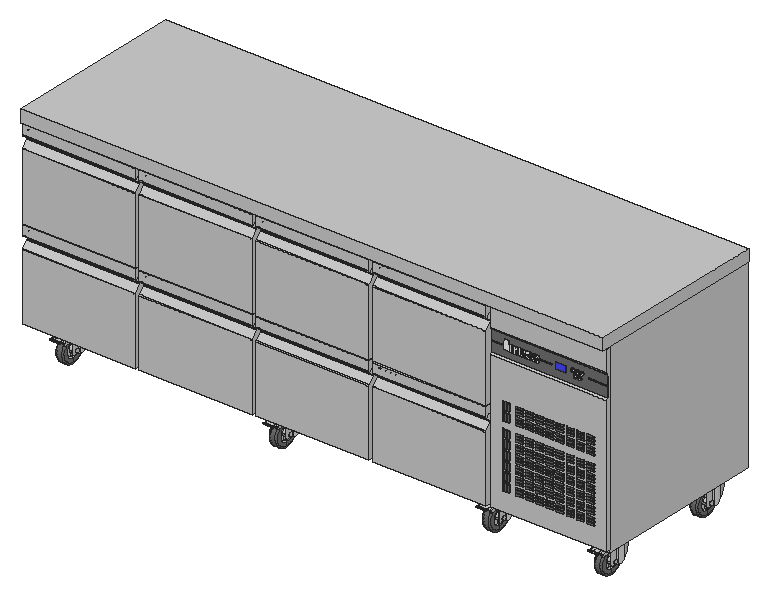
Revit family "QF_INOMAK_PNRP9999_250611031516", category Specialty Equipment, Revit 2021 (continued)
Definition of nested family "QF_INOMAK_REF_COUNTERS_DOORS_DRAWERS_16448"
  Definition of nested family "4_Drawers_1-4"
    Reference planes
      plane 23: z = 601.833
      plane 24: z = 598.167
    Forms (mm)
      Extrusion 1, solid, material <- "Finish", visible <- "4 Drawers"
        sketch origin (35, 0, -1) x (0, -1, 0) y (0, 0, 1)
          loop
            line (680, 1047) -> (670, 1047) -> (670, 827.083) -> (690, 827.083) -> (690, 990.844)
            arc (690, 990.844) -> (689.115, 996.728) -> (686.539, 1002.09) r 20
            line (686.539, 1002.09) -> (673, 1022) -> (673, 1044) -> (680, 1044)
            arc (680, 1044) -> (684.95, 1041.95) -> (687, 1037) r 7
            line (687, 1037) -> (687, 1031.988) -> (690, 1031.988) -> (690, 1037)
            arc (690, 1037) -> (687.071, 1044.071) -> (680, 1047) r 10
        from 0 to -1130
      Extrusion 2, solid, visible <- "4 Drawers", detail levels coarse
        sketch origin (0, -640.463, 826.083) x (0, 1, 0) y (-1, 0, 0)
          loop
            line (-49.537, -35) -> (-624.537, -35) -> (-624.537, -1165) -> (-49.537, -1165) -> (-49.537, -35)
        from 0 to 219.917
      Extrusion 3, solid, visible <- "4 Drawers", detail levels coarse
        sketch origin (0, -700, 154) x (-1, 0, 0) y (0, 1, 0)
          loop
            line (-35, 10) -> (-1165, 10) -> (-1165, -565) -> (-35, -565) -> (-35, 10)
        from 0 to -219.583
      Extrusion 4, solid, material <- "Finish", visible <- "4 Drawers"
        sketch origin (35, 0, -440.333) x (0, -1, 0) y (0, 0, 1)
          loop
            line (680, 813.917) -> (670, 813.917) -> (670, 594.333) -> (690, 594.333) -> (690, 757.761)
            arc (690, 757.761) -> (689.115, 763.644) -> (686.539, 769.007) r 20
            line (686.539, 769.007) -> (673, 788.917) -> (673, 810.917) -> (680, 810.917)
            arc (680, 810.917) -> (684.95, 808.866) -> (687, 803.917) r 7
            line (687, 803.917) -> (687, 798.904) -> (690, 798.904) -> (690, 803.917)
            arc (690, 803.917) -> (687.071, 810.988) -> (680, 813.917) r 10
        from 0 to -1130
      Extrusion 5, solid, material <- "Finish", visible <- "4 Drawers"
        sketch origin (35, 0, -165.333) x (0, -1, 0) y (0, 0, 1)
          loop
            line (680, 987.75) -> (670, 987.75) -> (670, 767.167) -> (690, 767.167) -> (690, 931.594)
            arc (690, 931.594) -> (689.115, 937.478) -> (686.539, 942.84) r 20
            line (686.539, 942.84) -> (673, 962.75) -> (673, 984.75) -> (680, 984.75)
            arc (680, 984.75) -> (684.95, 982.7) -> (687, 977.75) r 7
            line (687, 977.75) -> (687, 972.738) -> (690, 972.738) -> (690, 977.75)
            arc (690, 977.75) -> (687.071, 984.821) -> (680, 987.75) r 10
        from 0 to -1130
      Extrusion 6, solid, material <- "Finish", visible <- "4 Drawers"
        sketch origin (35, 0, -330.333) x (0, -1, 0) y (0, 0, 1)
          loop
            line (680, 928.5) -> (670, 928.5) -> (670, 708.25) -> (690, 708.25) -> (690, 872.344)
            arc (690, 872.344) -> (689.115, 878.228) -> (686.539, 883.59) r 20
            line (686.539, 883.59) -> (673, 903.5) -> (673, 925.5) -> (680, 925.5)
            arc (680, 925.5) -> (684.95, 923.45) -> (687, 918.5) r 7
            line (687, 918.5) -> (687, 913.488) -> (690, 913.488) -> (690, 918.5)
            arc (690, 918.5) -> (687.071, 925.571) -> (680, 928.5) r 10
        from 0 to -1130
      Extrusion 7, solid, visible <- "4 Drawers", detail levels coarse
        sketch origin (0, -500.463, 601.833) x (0, 1, 0) y (-1, 0, 0)
          loop
            line (-189.537, -35) -> (-764.537, -35) -> (-764.537, -1165) -> (-189.537, -1165) -> (-189.537, -35)
        from 0 to 220.583
      Extrusion 8, solid, visible <- "4 Drawers", detail levels coarse
        sketch origin (0, -540.463, 377.917) x (0, 1, 0) y (-1, 0, 0)
          loop
            line (-149.537, -35) -> (-724.537, -35) -> (-724.537, -1165) -> (-149.537, -1165) -> (-149.537, -35)
        from 0 to 220.25
    Lines and regions (mm)
      symbolic lines, visible <- "4 Drawers"
        curve 1: line (35, -945, 900) -> (35, -985, 900)
        curve 2: line (35, -985, 900) -> (1165, -985, 900)
        curve 3: line (1165, -985, 900) -> (1165, -945, 900)
        curve 4: line (1165, -945, 900) -> (35, -945, 900)
        curve 5: line (1135, -945, 900) -> (1135, -845, 900)
        curve 6: line (65, -945, 900) -> (65, -845, 900)
        curve 7: line (35, -1085, 900) -> (35, -1125, 900)
        curve 8: line (35, -1125, 900) -> (1165, -1125, 900)
        curve 9: line (1165, -1125, 900) -> (1165, -1085, 900)
        curve 10: line (1165, -1085, 900) -> (35, -1085, 900)
        curve 11: line (1135, -1085, 900) -> (1135, -985, 900)
        curve 12: line (65, -1085, 900) -> (65, -985, 900)
        curve 13: line (35, -1225, 900) -> (35, -1265, 900)
        curve 14: line (35, -1265, 900) -> (1165, -1265, 900)
        curve 15: line (1165, -1265, 900) -> (1165, -1225, 900)
        curve 16: line (1165, -1225, 900) -> (35, -1225, 900)
        curve 17: line (1135, -1225, 900) -> (1135, -1125, 900)
        curve 18: line (65, -1225, 900) -> (65, -1125, 900)
        curve 19: line (35, -805, 900) -> (35, -845, 900)
        curve 20: line (35, -845, 900) -> (1165, -845, 900)
        curve 21: line (1165, -845, 900) -> (1165, -805, 900)
        curve 22: line (1165, -805, 900) -> (35, -805, 900)
        curve 23: line (65, -805, 900) -> (65, -700, 900)
        curve 24: line (1135, -805, 900) -> (1135, -700, 900)
    Dimensions and locks
      "Length Actual": plane 3 "Left" to plane 4 "Right"
      "Depth Actual": plane 5 "Front" to plane 1 "Back"
      "Height Actual": plane 6 "Top" to plane 8 "Legs top"
      "Front inset": plane 7 "Front legs" to plane 5 "Front"
      "Plinth height": plane 8 "Legs top" to plane 2
      "Rear inset": plane 9 "Backsplash thickness" to plane 1 "Back"
      "Right panel thickness": plane 11 "Right panel" to plane 4 "Right"
      "Left panel thickness": plane 3 "Left" to plane 10 "Left panel"
      locked: plane 14 to plane 15 at 3.667
      equal spacing: plane 14, plane 12, plane 15
      locked: plane 23 to plane 24 at 3.667
      equal spacing: plane 23, plane 22, plane 24
      "Bottom inset": plane 20 to plane 8 "Legs top"
      equal spacing: plane 19, plane 17, plane 18
      locked: plane 19 to plane 18 at 4.333
      equal spacing: plane 21, plane 17, plane 22, plane 12, plane 16
      locked: plane 13 to plane 16 at 2.5
      "Top inset": plane 13 to plane 6 "Top"
      locked: plane 21 to plane 20 at 2.5
      aligned and locked: level to plane 2
      aligned and locked: plane 7 "Front legs" to Extrusion 1 sketch curve  (x2)
      aligned and locked: Extrusion 1 to plane 11 "Right panel"
      aligned and locked: Extrusion 1 sketch curve to plane 13
      aligned and locked: Extrusion 1 sketch curve to plane 14
      aligned and locked: plane 10 "Left panel" to curve 1
      aligned and locked: plane 10 "Left panel" to curve 7
      aligned and locked: plane 10 "Left panel" to curve 13
      aligned and locked: Extrusion 2 sketch curve to plane 10 "Left panel"
      aligned and locked: plane 11 "Right panel" to Extrusion 2 sketch curve
      aligned and locked: Extrusion 3 sketch curve to plane 10 "Left panel"
      aligned and locked: plane 11 "Right panel" to Extrusion 3 sketch curve
      aligned and locked: Extrusion 2 to plane 13
      aligned and locked: Extrusion 3 to plane 19
      aligned and locked: plane 20 to Extrusion 4 sketch curve
      aligned and locked: Extrusion 4 to plane 11 "Right panel"
      aligned and locked: Extrusion 5 sketch curve to plane 15
      aligned and locked: plane 7 "Front legs" to Extrusion 5 sketch curve
      aligned and locked: Extrusion 5 sketch curve to plane 23
      aligned and locked: Extrusion 6 sketch curve to plane 24
      aligned and locked: plane 7 "Front legs" to Extrusion 6 sketch curve
      aligned and locked: Extrusion 6 sketch curve to plane 18
      aligned and locked: Extrusion 7 to plane 15
      aligned and locked: Extrusion 8 to plane 24
      aligned and locked: Extrusion 5 to plane 11 "Right panel"
      aligned and locked: Extrusion 6 to plane 11 "Right panel"
    Automatic sketch dimensions
      Extrusion 1 sketch curve to Extrusion 1 sketch curve = 0 mm  (x2)
      plane 7 "Front legs" to Extrusion 1 sketch curve = 3 mm
      plane 7 "Front legs" to Extrusion 1 sketch curve = 3.461 mm
      plane 7 "Front legs" to Extrusion 1 sketch curve = 10 mm
      Extrusion 1 sketch curve to Extrusion 1 sketch curve = 7 mm
      plane 7 "Front legs" to Extrusion 1 sketch curve = 20 mm  (x2)
      Extrusion 1 sketch curve to Extrusion 1 sketch curve = 46.156 mm
      Extrusion 1 sketch curve to Extrusion 1 sketch curve = 15 mm
      Extrusion 1 sketch curve to Extrusion 1 sketch curve = 5.012 mm
      Extrusion 2 sketch curve to plane 7 "Front legs" = 0 mm
      Extrusion 2 sketch curve to plane 5 "Front" = 565 mm
      Extrusion 3 sketch curve to plane 7 "Front legs" = 0 mm
      Extrusion 3 sketch curve to plane 5 "Front" = 565 mm
      Extrusion 5 sketch curve to Extrusion 5 sketch curve = 0 mm  (x2)
      Extrusion 5 sketch curve to plane 7 "Front legs" = 0 mm
      plane 7 "Front legs" to Extrusion 5 sketch curve = 3 mm
      plane 7 "Front legs" to Extrusion 5 sketch curve = 3.461 mm
      plane 7 "Front legs" to Extrusion 5 sketch curve = 10 mm
      Extrusion 5 sketch curve to Extrusion 5 sketch curve = 7 mm
      plane 7 "Front legs" to Extrusion 5 sketch curve = 20 mm  (x2)
      Extrusion 5 sketch curve to Extrusion 5 sketch curve = 46.156 mm
      Extrusion 5 sketch curve to Extrusion 5 sketch curve = 15 mm
      Extrusion 5 sketch curve to Extrusion 5 sketch curve = 5.012 mm
      Extrusion 6 sketch curve to Extrusion 6 sketch curve = 0 mm  (x2)
      Extrusion 6 sketch curve to plane 7 "Front legs" = 0 mm
      plane 7 "Front legs" to Extrusion 6 sketch curve = 3 mm
      plane 7 "Front legs" to Extrusion 6 sketch curve = 3.461 mm
      plane 7 "Front legs" to Extrusion 6 sketch curve = 10 mm
      Extrusion 6 sketch curve to Extrusion 6 sketch curve = 7 mm
      plane 7 "Front legs" to Extrusion 6 sketch curve = 20 mm  (x2)
      Extrusion 6 sketch curve to Extrusion 6 sketch curve = 46.156 mm
      Extrusion 6 sketch curve to Extrusion 6 sketch curve = 15 mm
      Extrusion 6 sketch curve to Extrusion 6 sketch curve = 5.012 mm
      curve 14 to plane 11 "Right panel" = 0 mm
      curve 8 to plane 11 "Right panel" = 0 mm
      curve 2 to plane 11 "Right panel" = 0 mm
      curve 21 to plane 11 "Right panel" = 0 mm
      curve 20 to plane 10 "Left panel" = 0 mm
      curve 23 to plane 5 "Front" = 0 mm
      curve 24 to plane 5 "Front" = 0 mm
      curve 21 to plane 5 "Front" = 105 mm
      curve 20 to curve 21 = 40 mm
      curve 3 to curve 20 = 100 mm
      curve 3 to curve 3 = 40 mm
      curve 10 to curve 1 = 100 mm
      curve 9 to curve 9 = 40 mm
      curve 15 to curve 8 = 100 mm
      curve 15 to curve 15 = 40 mm
      plane 11 "Right panel" to curve 24 = 30 mm
      curve 8 to curve 17 = 30 mm
      curve 11 to curve 17 = 0 mm
      curve 23 to plane 10 "Left panel" = 30 mm
      curve 12 to curve 6 = 0 mm
      curve 18 to curve 12 = 0 mm
      Extrusion 4 sketch curve to Extrusion 4 sketch curve = 0 mm  (x2)
      plane 19 to Extrusion 4 sketch curve = 0 mm
      Extrusion 4 sketch curve to plane 7 "Front legs" = 0 mm  (x2)
      plane 7 "Front legs" to Extrusion 4 sketch curve = 3 mm
      plane 7 "Front legs" to Extrusion 4 sketch curve = 3.461 mm
      plane 7 "Front legs" to Extrusion 4 sketch curve = 10 mm
      Extrusion 4 sketch curve to Extrusion 4 sketch curve = 7 mm
      plane 7 "Front legs" to Extrusion 4 sketch curve = 20 mm  (x2)
      Extrusion 4 sketch curve to Extrusion 4 sketch curve = 46.156 mm
      Extrusion 4 sketch curve to Extrusion 4 sketch curve = 15 mm
      Extrusion 4 sketch curve to Extrusion 4 sketch curve = 5.012 mm
      Extrusion 7 sketch curve to plane 10 "Left panel" = 0 mm
      Extrusion 7 sketch curve to plane 11 "Right panel" = 0 mm
      Extrusion 7 sketch curve to plane 7 "Front legs" = 0 mm
      Extrusion 7 sketch curve to plane 5 "Front" = 565 mm
      Extrusion 8 sketch curve to plane 10 "Left panel" = 0 mm
      Extrusion 8 sketch curve to plane 11 "Right panel" = 0 mm
      Extrusion 8 sketch curve to plane 7 "Front legs" = 0 mm
      Extrusion 8 sketch curve to plane 5 "Front" = 565 mm
      curve 6 to plane 10 "Left panel" = 30 mm
      curve 5 to curve 24 = 0 mm
  Definition of nested family "Hinged_Doors"
    Parameters (values of type "Hinged doors")
      URL = "www.specifiglobal.com"
      Top inset [instance] = 4 mm
      Right panel thickness [instance] = 35 mm
      Rear inset [instance] = 10 mm
      Plinth height [instance] = 150 mm
      Model = ""
      Manufacturer = "DEMO CONSULTANT"
      Length Actual [instance] = 1200 mm
      Left panel thickness [instance] = 35 mm
      Hinged doors [instance] = Doors drawers type = 3  # yes
      Height Actual [instance] = 900 mm
      Front inset [instance] = 10 mm
      Finish [instance] = none
      Doors drawers type [instance] = 3
      Description = ""
      Depth Actual [instance] = 700 mm
      Default Elevation = 0 mm
      Bottom inset [instance] = 4 mm
      Assembly Code = "E1090320"
    Reference planes
      plane 1 "Back": y = 0
      plane 2: z = 0
      plane 3 "Left": x = 0
      plane 4 "Right": x = 1200
      plane 5 "Front": y = -700
      plane 6 "Top": z = 1050
      plane 7 "Front legs": y = -690
      plane 8 "Legs top": z = 150
      plane 9 "Backsplash thickness": y = -10
      plane 10: x = 35
      plane 11: x = 1165
      plane 12 "Center Left-Right": x = 600
      plane 13: x = 597.5
      plane 14: x = 602.5
      plane 15: z = 154
      plane 16: z = 1046
    Forms (mm)
      Extrusion 1, solid, material <- "Finish", visible <- "Hinged doors"
        sketch origin (35, -2307.849, 4000) x (0, -1, 0) y (0, 0, 1)
          loop
            line (-1627.849, -2954) -> (-1637.849, -2954) -> (-1637.849, -3846) -> (-1617.849, -3846) -> (-1617.849, -3010.156)
            arc (-1617.849, -3010.156) -> (-1618.734, -3004.272) -> (-1621.31, -2998.91) r 20
            line (-1621.31, -2998.91) -> (-1634.849, -2979) -> (-1634.849, -2957) -> (-1627.849, -2957)
            arc (-1627.849, -2957) -> (-1622.899, -2959.05) -> (-1620.849, -2964) r 7
            line (-1620.849, -2964) -> (-1620.849, -2969.012) -> (-1617.849, -2969.012) -> (-1617.849, -2964)
            arc (-1617.849, -2964) -> (-1620.778, -2956.929) -> (-1627.849, -2954) r 10
        from 0 to -562.5
      Extrusion 2, solid, visible <- "Hinged doors", detail levels coarse
        sketch origin (0, -700, 154) x (-1, 0, 0) y (0, 1, 0)
          loop
            line (-35, 10) -> (-597.5, 10)
            arc (-597.5, 10) -> (-432.748, -387.748) -> (-35, -552.5) r 562.5
            line (-35, -552.5) -> (-35, 10)
        from 0 to -892
      Extrusion 3, solid, material <- "Finish", visible <- "Hinged doors"
        sketch origin (1165, -2312.576, 4000) x (0, -1, 0) y (0, 0, 1)
          loop
            line (-1632.576, -2954) -> (-1642.576, -2954) -> (-1642.576, -3846) -> (-1622.576, -3846) -> (-1622.576, -3010.156)
            arc (-1622.576, -3010.156) -> (-1623.46, -3004.272) -> (-1626.037, -2998.91) r 20
            line (-1626.037, -2998.91) -> (-1639.576, -2979) -> (-1639.576, -2957) -> (-1632.576, -2957)
            arc (-1632.576, -2957) -> (-1627.626, -2959.05) -> (-1625.576, -2964) r 7
            line (-1625.576, -2964) -> (-1625.576, -2969.012) -> (-1622.576, -2969.012) -> (-1622.576, -2964)
            arc (-1622.576, -2964) -> (-1625.504, -2956.929) -> (-1632.576, -2954) r 10
        from 0 to 562.5
      Extrusion 4, solid, visible <- "Hinged doors", detail levels coarse
        sketch origin (0, -700, 154) x (-1, 0, 0) y (0, 1, 0)
          loop
            line (-1165, 10) -> (-1165, -552.5)
            arc (-1165, -552.5) -> (-767.252, -387.748) -> (-602.5, 10) r 562.5
            line (-602.5, 10) -> (-1165, 10)
        from 0 to -892
    Lines and regions (mm)
      symbolic lines, visible <- "Hinged doors"
        curve 1: line (35, -700, 150) -> (35, -1252.5, 150)
        curve 2: arc (35, -1252.5, 150) -> (429.196, -1091.268, 150) -> (597.411, -700, 150) r 562.5
        curve 3: arc (602.589, -700, 150) -> (770.804, -1091.268, 150) -> (1165, -1252.5, 150) r 562.5
        curve 4: line (1165, -1252.5, 150) -> (1165, -700, 150)
    Dimensions and locks
      "Length Actual": plane 3 "Left" to plane 4 "Right"
      "Depth Actual": plane 5 "Front" to plane 1 "Back"
      "Height Actual": plane 6 "Top" to plane 8 "Legs top"
      "Front inset": plane 7 "Front legs" to plane 5 "Front"
      "Plinth height": plane 8 "Legs top" to plane 2
      "Rear inset": plane 9 "Backsplash thickness" to plane 1 "Back"
      "Right panel thickness": plane 11 to plane 4 "Right"
      "Left panel thickness": plane 3 "Left" to plane 10
      equal spacing: plane 10, plane 12 "Center Left-Right", plane 11
      plane 13 to plane 12 "Center Left-Right" = 2.5 mm
      plane 12 "Center Left-Right" to plane 14 = 2.5 mm
      "Bottom inset": plane 15 to plane 8 "Legs top"
      "Top inset": plane 16 to plane 6 "Top"
      aligned and locked: level to plane 2
      aligned and locked: Extrusion 1 to plane 13
      aligned and locked: plane 10 to Extrusion 2 sketch curve
      aligned and locked: plane 13 to Extrusion 2 sketch curve
      aligned and locked: plane 7 "Front legs" to Extrusion 2 sketch curve  (x2)
      aligned and locked: plane 14 to Extrusion 3
      aligned and locked: Extrusion 2 to curve 1
      aligned and locked: curve 2 to Extrusion 2
      aligned and locked: curve 3 to Extrusion 4
      aligned and locked: curve 4 to Extrusion 4
      aligned and locked: plane 5 "Front" to curve 1
      aligned and locked: plane 5 "Front" to curve 2
      aligned and locked: plane 5 "Front" to curve 3
      aligned and locked: plane 5 "Front" to curve 4
      aligned and locked: Extrusion 4 to plane 16
      aligned and locked: Extrusion 2 to plane 16
      aligned and locked: Extrusion 1 sketch curve to plane 16
      aligned and locked: Extrusion 1 sketch curve to plane 15
      aligned and locked: Extrusion 3 sketch curve to plane 15
      aligned and locked: Extrusion 3 sketch curve to plane 16
    Automatic sketch dimensions
      Extrusion 1 sketch curve to Extrusion 1 sketch curve = 0 mm  (x2)
      Extrusion 1 sketch curve to plane 7 "Front legs" = 0 mm  (x2)
      plane 7 "Front legs" to Extrusion 1 sketch curve = 3 mm
      plane 7 "Front legs" to Extrusion 1 sketch curve = 3.461 mm
      plane 7 "Front legs" to Extrusion 1 sketch curve = 10 mm
      Extrusion 1 sketch curve to Extrusion 1 sketch curve = 7 mm
      plane 7 "Front legs" to Extrusion 1 sketch curve = 20 mm  (x2)
      Extrusion 1 sketch curve to Extrusion 1 sketch curve = 46.156 mm
      Extrusion 1 sketch curve to Extrusion 1 sketch curve = 15 mm
      Extrusion 1 sketch curve to Extrusion 1 sketch curve = 5.012 mm
      Extrusion 3 sketch curve to Extrusion 3 sketch curve = 0 mm  (x2)
      Extrusion 3 sketch curve to plane 7 "Front legs" = 0 mm  (x2)
      Extrusion 3 sketch curve to Extrusion 3 sketch curve = 3 mm
      plane 7 "Front legs" to Extrusion 3 sketch curve = 3.461 mm
      plane 7 "Front legs" to Extrusion 3 sketch curve = 10 mm
      Extrusion 3 sketch curve to Extrusion 3 sketch curve = 7 mm
      Extrusion 3 sketch curve to Extrusion 3 sketch curve = 16.539 mm
      Extrusion 3 sketch curve to Extrusion 3 sketch curve = 20 mm
      Extrusion 3 sketch curve to Extrusion 3 sketch curve = 46.156 mm
      Extrusion 3 sketch curve to Extrusion 3 sketch curve = 15 mm
      Extrusion 3 sketch curve to Extrusion 3 sketch curve = 5.012 mm
      Extrusion 4 sketch curve to plane 11 = 0 mm
      Extrusion 4 sketch curve to plane 7 "Front legs" = 0 mm
      Extrusion 4 sketch curve to plane 14 = 0 mm
  Definition of nested family "Hopper"
    Parameters (values of type "Hopper")
      URL = "www.specifiglobal.com"
      Top inset [instance] = 4 mm
      Right panel thickness [instance] = 35 mm
      Rear inset [instance] = 10 mm
      Plinth height [instance] = 150 mm
      Model = ""
      Manufacturer = "DEMO CONSULTANT"
      Length Actual [instance] = 700 mm
      Left panel thickness [instance] = 35 mm
      Hopper [instance] = Doors drawers type = 10  # yes
      Height Actual [instance] = 900 mm
      Front inset [instance] = 10 mm
      Finish [instance] = none
      Doors drawers type [instance] = 10
      Description = ""
      Depth Actual [instance] = 700 mm
      Default Elevation = 0 mm
      Bottom inset [instance] = 4 mm
      Assembly Code = "E1090320"
      2 Drawers = yes
    Reference planes
      plane 1 "Back": y = 0
      plane 2: z = 0
      plane 3 "Left": x = 0
      plane 4 "Right": x = 700
      plane 5 "Front": y = -700
      plane 6 "Top": z = 1050
      plane 7 "Front legs": y = -690
      plane 8 "Legs top": z = 150
      plane 9 "Backsplash thickness": y = -10
      plane 10 "Left panel": x = 35
      plane 11 "Right panel": x = 665
      plane 12: z = 1046
      plane 13: z = 154
    Forms (mm)
      Extrusion 1, solid, material <- "Finish", visible <- "Hopper"
        sketch origin (35, 0, 0) x (0, -1, 0) y (0, 0, 1)
          loop
            line (690, 154) -> (690, 960.365)
            arc (690, 960.365) -> (689.866, 961.037) -> (689.485, 961.607) r 1.757
            line (689.485, 961.607) -> (666.663, 984.429)
            arc (666.663, 984.429) -> (665.976, 985.458) -> (665.734, 986.672) r 3.172
            line (665.734, 986.672) -> (665.734, 1013.576)
            arc (665.734, 1013.576) -> (666.433, 1015.262) -> (668.119, 1015.961) r 2.385
            line (668.119, 1015.961) -> (680.029, 1015.961) -> (686.544, 1006.657)
            arc (686.544, 1006.657) -> (688.671, 1005.935) -> (690, 1007.747) r 1.9
            line (690, 1007.747) -> (690, 1046) -> (648, 1046) -> (648, 154) -> (690, 154)
        from 0 to -630
      Extrusion 2, solid, visible <- "Hopper", detail levels coarse
        sketch origin (35, 0, 0) x (0, -1, 0) y (0, 0, 1)
          loop
            line (690, 154) -> (1265, 154) -> (1265, 1046) -> (690, 1046) -> (690, 154)
        from 0 to -630
    Lines and regions (mm)
      symbolic lines, visible <- "Hopper"
        curve 1: line (35, -1225, 900) -> (35, -1265, 900)
        curve 2: line (35, -1265, 900) -> (665, -1265, 900)
        curve 3: line (665, -1265, 900) -> (665, -1225, 900)
        curve 4: line (665, -1225, 900) -> (35, -1225, 900)
        curve 5: line (635, -1225, 900) -> (635, -700, 900)
        curve 6: line (65, -1225, 900) -> (65, -700, 900)
    Dimensions and locks
      "Length Actual": plane 3 "Left" to plane 4 "Right"
      "Depth Actual": plane 5 "Front" to plane 1 "Back"
      "Height Actual": plane 6 "Top" to plane 8 "Legs top"
      "Front inset": plane 7 "Front legs" to plane 5 "Front"
      "Plinth height": plane 8 "Legs top" to plane 2
      "Rear inset": plane 9 "Backsplash thickness" to plane 1 "Back"
      "Right panel thickness": plane 11 "Right panel" to plane 4 "Right"
      "Left panel thickness": plane 3 "Left" to plane 10 "Left panel"
      "Top inset": plane 12 to plane 6 "Top"
      "Bottom inset": plane 13 to plane 8 "Legs top"
      aligned and locked: level to plane 2
      aligned and locked: Extrusion 1 to plane 11 "Right panel"
      aligned and locked: Extrusion 2 to plane 11 "Right panel"
      aligned and locked: plane 10 "Left panel" to Extrusion 2
      aligned and locked: Extrusion 1 sketch curve to plane 12
      aligned and locked: Extrusion 1 sketch curve to Extrusion 2
      aligned and locked: Extrusion 1 sketch curve to plane 13
    Automatic sketch dimensions
      Extrusion 1 sketch curve to Extrusion 1 sketch curve = 17.734 mm
      Extrusion 1 sketch curve to Extrusion 1 sketch curve = 0.929 mm
      Extrusion 1 sketch curve to Extrusion 1 sketch curve = 2.385 mm
      Extrusion 1 sketch curve to Extrusion 1 sketch curve = 3.172 mm
      Extrusion 1 sketch curve to Extrusion 1 sketch curve = 11.91 mm
      Extrusion 1 sketch curve to Extrusion 1 sketch curve = 6.515 mm
      Extrusion 1 sketch curve to Extrusion 1 sketch curve = 1.556 mm
      Extrusion 1 sketch curve to Extrusion 1 sketch curve = 21.58 mm
      Extrusion 1 sketch curve to Extrusion 1 sketch curve = 1.242 mm
      Extrusion 1 sketch curve to Extrusion 1 sketch curve = 1.9 mm
      Extrusion 1 sketch curve to Extrusion 1 sketch curve = 0.515 mm
      Extrusion 1 sketch curve to Extrusion 1 sketch curve = 22.822 mm
      Extrusion 1 sketch curve to Extrusion 1 sketch curve = 19.985 mm
      Extrusion 1 sketch curve to Extrusion 1 sketch curve = 6.919 mm
      Extrusion 1 sketch curve to Extrusion 1 sketch curve = 30.039 mm
      Extrusion 2 sketch curve to plane 7 "Front legs" = 0 mm
      plane 13 to Extrusion 2 sketch curve = 0 mm
      plane 12 to Extrusion 2 sketch curve = 0 mm
      Extrusion 2 sketch curve to plane 5 "Front" = 565 mm
      curve 1 to plane 10 "Left panel" = 0 mm
      curve 2 to plane 11 "Right panel" = 0 mm
      curve 6 to plane 5 "Front" = 0 mm
      curve 5 to plane 5 "Front" = 0 mm
      curve 4 to plane 5 "Front" = 525 mm
      curve 3 to curve 3 = 40 mm
      plane 11 "Right panel" to curve 5 = 30 mm
      curve 6 to plane 10 "Left panel" = 30 mm
Definition of nested family "QF_INOMAK_REF_COUNTERS_DOORS_DRAWERS_25919"
  Parameters (values of type "DR-LX-710")
    Weight [instance] = 0.00 kg
    Warranty Start Date [instance] = ""
    Warranty Duration [instance] = ""
    URL Cutsheet [instance] = ""
    URL = "www.inomak.com"
    Top inset [instance] = 10 mm
    Technical Documentation [instance] = ""
    Tag Number [instance] = ""
    Status [instance] = ""
    Specification by User [instance] = ""
    Specification by Manufacturer [instance] = ""
    Sound Level [instance] = ""
    Solid Fuel Type [instance] = ""
    Show Logo [instance] = yes
    Show Clearances [instance] = yes
    Service Life Duration [instance] = ""
    Serial Number [instance] = ""
    Seismic Rating [instance] = ""
    SMACNA No [instance] = ""
    Right panel thickness [instance] = 0 mm
    Revision Code [instance] = ""
    Revision [instance] = ""
    Rear inset [instance] = 0 mm
    Production Year [instance] = ""
    Point Load [instance] = 0
    Plinth height [instance] = 0 mm
    Other Equipment Approvals [instance] = ""
    NAFEM Spec ID Number [instance] = ""
    Model Warning [instance] = ""
    Model = "DR-LX-710"
    Masterspec [instance] = ""
    Manufacturer = "INOMAK"
    Length Actual [instance] = 435 mm
    Left panel thickness [instance] = 0 mm
    Item Number [instance] = ""
    Installed By [instance] = ""
    Installation Date [instance] = ""
    Identify Quantity as Lot [instance] = yes
    ID [instance] = ""
    Hygiene Approval [instance] = ""
    Height Actual [instance] = 710 mm
    Furnished By [instance] = ""
    Front inset [instance] = 10 mm
    Foodservice Equipment Identifier [instance] = yes
    Finish [instance] = none
    ETL Approved [instance] = yes
    Doors drawers type [instance] = 8
    Description = "LEFT HINGED DOOR"
    Depth Actual [instance] = 700 mm
    Default Elevation = 0 mm
    CSI MasterFormat [instance] = ""
    CE Approved [instance] = yes
    Bottom inset [instance] = 10 mm
    Barcode [instance] = ""
    Author [instance] = ""
    Asset Identifier [instance] = ""
    Assembly Code = "E1090320"
    Accessory [instance] = yes
  Types (9, lengths in mm): name | Model | Height Actual | Doors drawers type | Description
    DW-2-710 | "DW-2-710" | 710 | 4 | "2 X GN 1/2 DRAWERS"
    DR-LX-710 | "DR-LX-710" | 710 | 8 | "LEFT HINGED DOOR"
    DR-RX-710 | "DR-RX-710" | 710 | 9 | "RIGHT HINGED DOOR"
    DW-3-710 | "DW-3-710" | 710 | 6 | "3 X GN 1/3 DRAWERS"
    DW-B-710 | "DW-B-710" | 710 | 5 | "1 X GN 1/3 & 1 X GN 2/3 DRAWERS"
    DW-2-483 | "DW-2-483" | 483 | 4 | "2 X GN 1/3 DRAWERS"
    DR-LX-483 | "DR-LX-483" | 483 | 8 | "LEFT HINGED DOOR"
    DR-RX-483 | "DR-RX-483" | 483 | 9 | "RIGHT HINGED DOOR"
    DW-1-483 | "DW-1-483" | 483 | 10 | "1 X GN 2/3 DRAWER"
  Reference planes
    plane 1 "Front": y = 0
    plane 2: z = 0
    plane 3 "Left": x = 0
    plane 4 "Right": x = 435
    plane 5 "Back": y = 700
    plane 6 "Top": z = 710
    plane 7 "Bottom shelf": z = 0
    plane 8: z = 700
    plane 9: z = 10
    plane 10: x = 0
    plane 11: x = 435
    plane 12 "Center Top Bottom": z = 355
  Lines and regions (mm)
    reference lines
      curve 1: line (0, 0, 355) -> (0, 25, 355)
      curve 2: line (435, 0, 355) -> (435, 25, 355)
      curve 3: line (0, 700, 355) -> (435, 700, 355)
      curve 4: line (0, 0, 355) -> (435, 0, 355)
  Dimensions and locks
    "Length Actual": plane 3 "Left" to plane 4 "Right"
    "Depth Actual": plane 1 "Front" to plane 5 "Back"
    "Height Actual": plane 6 "Top" to plane 7 "Bottom shelf"
    "Plinth height": plane 7 "Bottom shelf" to plane 2
    "Top inset": plane 6 "Top" to plane 8
    "Bottom inset": plane 9 to plane 7 "Bottom shelf"
    "Left panel thickness": plane 3 "Left" to plane 10
    "Right panel thickness": plane 11 to plane 4 "Right"
    equal spacing: plane 6 "Top", plane 12 "Center Top Bottom", plane 7 "Bottom shelf"
    "Length Actual": curve 1 to plane 4 "Right"
    "Length Actual": plane 3 "Left" to curve 2
    "Depth Actual": plane 1 "Front" to curve 3
    "Depth Actual": plane 5 "Back" to curve 4
    aligned and locked: level to plane 2
    aligned and locked: plane 3 "Left" to nested 1
    aligned and locked: plane 3 "Left" to nested 2
    aligned and locked: plane 3 "Left" to nested 3
    aligned and locked: plane 3 "Left" to nested 4
    aligned and locked: plane 3 "Left" to nested 5
    aligned and locked: plane 3 "Left" to nested 6
    aligned and locked: plane 3 "Left" to nested 7
    aligned and locked: plane 3 "Left" to nested 8
    aligned and locked: plane 3 "Left" to nested 9
    aligned and locked: nested 4 to plane 1 "Front"
    aligned and locked: nested 6 to plane 1 "Front"
    aligned and locked: nested 8 to plane 1 "Front"
    aligned and locked: nested 5 to plane 1 "Front"
    aligned and locked: nested 3 to plane 1 "Front"
    aligned and locked: nested 7 to plane 1 "Front"
    aligned and locked: nested 2 to plane 1 "Front"
    aligned and locked: nested 1 to plane 1 "Front"
    aligned and locked: nested 9 to plane 1 "Front"
  Automatic sketch dimensions
    curve 3 to plane 4 "Right" = 0 mm
    curve 3 to plane 3 "Left" = 0 mm
    curve 2 to curve 2 = 25 mm
    curve 1 to curve 1 = 25 mm
  Nested families
    nested 1: "Right_Door" at (0, 700, 0), Depth Actual <- "Depth Actual", Height Actual <- "Height Actual", Length Actual <- "Length Actual", Front inset <- "Front inset", Rear inset <- "Rear inset", Left panel thickness <- "Left panel thickness", Right panel thickness <- "Right panel thickness", Doors drawers type <- "Doors drawers type", Plinth height <- "Plinth height", Top inset <- "Top inset", Bottom inset <- "Bottom inset", type "Right door"
      with Top inset 10 mm, Right panel thickness 0 mm, Right hand hinged door no, Rear inset 0 mm, Plinth height 0 mm, Length Actual 435 mm, Left panel thickness 0 mm, Height Actual 710 mm, Front inset 10 mm, Doors drawers type 8, Depth Actual 700 mm, Bottom inset 10 mm
    nested 2: "Left_Door" at (0, 700, 0), Depth Actual <- "Depth Actual", Height Actual <- "Height Actual", Length Actual <- "Length Actual", Front inset <- "Front inset", Rear inset <- "Rear inset", Left panel thickness <- "Left panel thickness", Right panel thickness <- "Right panel thickness", Doors drawers type <- "Doors drawers type", Plinth height <- "Plinth height", Top inset <- "Top inset", Bottom inset <- "Bottom inset", type "Left door"
      with Top inset 10 mm, Right panel thickness 0 mm, Rear inset 0 mm, Plinth height 0 mm, Length Actual 435 mm, Left panel thickness 0 mm, Left hand hinged door yes, Height Actual 710 mm, Front inset 10 mm, Doors drawers type 8, Depth Actual 700 mm, Bottom inset 10 mm
    nested 3: "3_Drawers_1-3" at (0, 700, 0), Depth Actual <- "Depth Actual", Height Actual <- "Height Actual", Length Actual <- "Length Actual", Front inset <- "Front inset", Rear inset <- "Rear inset", Left panel thickness <- "Left panel thickness", Right panel thickness <- "Right panel thickness", Doors drawers type <- "Doors drawers type", Plinth height <- "Plinth height", Top inset <- "Top inset", Bottom inset <- "Bottom inset", type "3 Drawers 1-3"
      with Top inset 10 mm, Right panel thickness 0 mm, Rear inset 0 mm, Plinth height 0 mm, Length Actual 435 mm, Left panel thickness 0 mm, Height Actual 710 mm, Front inset 10 mm, Doors drawers type 8, Depth Actual 700 mm, Bottom inset 10 mm, 3 Drawers no
    nested 4: "2_Drawers_1-2" at (0, 700, 0), Depth Actual <- "Depth Actual", Height Actual <- "Height Actual", Length Actual <- "Length Actual", Front inset <- "Front inset", Rear inset <- "Rear inset", Left panel thickness <- "Left panel thickness", Right panel thickness <- "Right panel thickness", Doors drawers type <- "Doors drawers type", Plinth height <- "Plinth height", Top inset <- "Top inset", Bottom inset <- "Bottom inset", type "2 Drawers 1-2"
      with Top inset 10 mm, Right panel thickness 0 mm, Rear inset 0 mm, Plinth height 0 mm, Length Actual 435 mm, Left panel thickness 0 mm, Height Actual 710 mm, Front inset 10 mm, Doors drawers type 8, Depth Actual 700 mm, Bottom inset 10 mm, 2 Drawers no
    nested 5: "2_Drawers_1-3_2-3" at (0, 700, 0), Depth Actual <- "Depth Actual", Height Actual <- "Height Actual", Length Actual <- "Length Actual", Front inset <- "Front inset", Rear inset <- "Rear inset", Left panel thickness <- "Left panel thickness", Right panel thickness <- "Right panel thickness", Doors drawers type <- "Doors drawers type", Plinth height <- "Plinth height", Top inset <- "Top inset", Bottom inset <- "Bottom inset", type "2 Drawers 1-3 and 2-3"
      with Top inset 10 mm, Right panel thickness 0 mm, Rear inset 0 mm, Plinth height 0 mm, Length Actual 435 mm, Left panel thickness 0 mm, Height Actual 710 mm, Front inset 10 mm, Doors drawers type 8, Depth Actual 700 mm, Bottom inset 10 mm, 2 Drawers 1-3 and 2-3 no
    nested 6: "Sliding_Doors" at (0, 700, 0), Depth Actual <- "Depth Actual", Height Actual <- "Height Actual", Length Actual <- "Length Actual", Front inset <- "Front inset", Rear inset <- "Rear inset", Left panel thickness <- "Left panel thickness", Right panel thickness <- "Right panel thickness", Doors drawers type <- "Doors drawers type", Plinth height <- "Plinth height", Top inset <- "Top inset", Bottom inset <- "Bottom inset", Finish <- "Finish", type "Sliding doors"
      with Top inset 10 mm, Sliding doors no, Right panel thickness 0 mm, Rear inset 0 mm, Plinth height 0 mm, Length Actual 435 mm, Left panel thickness 0 mm, Height Actual 710 mm, Front inset 10 mm, Finish none, Doors drawers type 8, Depth Actual 700 mm, Bottom inset 10 mm
    nested 7: "4_Drawers_1-4" at (0, 700, 0), Depth Actual <- "Depth Actual", Height Actual <- "Height Actual", Length Actual <- "Length Actual", Front inset <- "Front inset", Rear inset <- "Rear inset", Left panel thickness <- "Left panel thickness", Right panel thickness <- "Right panel thickness", Doors drawers type <- "Doors drawers type", Plinth height <- "Plinth height", Top inset <- "Top inset", Bottom inset <- "Bottom inset", Finish <- "Finish", type "4 Drawers 1-4"
      with Top inset 10 mm, Right panel thickness 0 mm, Rear inset 0 mm, Plinth height 0 mm, Length Actual 435 mm, Left panel thickness 0 mm, Height Actual 710 mm, Front inset 10 mm, Finish none, Doors drawers type 8, Depth Actual 700 mm, Bottom inset 10 mm, 4 Drawers no
    nested 8: "Hinged_Doors" at (0, 700, 0), Length Actual <- "Length Actual", Depth Actual <- "Depth Actual", Height Actual <- "Height Actual", Front inset <- "Front inset", Rear inset <- "Rear inset", Left panel thickness <- "Left panel thickness", Right panel thickness <- "Right panel thickness", Doors drawers type <- "Doors drawers type", Plinth height <- "Plinth height", Top inset <- "Top inset", Bottom inset <- "Bottom inset", Finish <- "Finish", type "Hinged doors"
      with Top inset 10 mm, Right panel thickness 0 mm, Rear inset 0 mm, Plinth height 0 mm, Length Actual 435 mm, Left panel thickness 0 mm, Hinged doors no, Height Actual 710 mm, Front inset 10 mm, Finish none, Doors drawers type 8, Depth Actual 700 mm, Bottom inset 10 mm
    nested 9: "Hopper" at (0, 700, 1.284), Length Actual <- "Length Actual", Depth Actual <- "Depth Actual", Height Actual <- "Height Actual", Front inset <- "Front inset", Rear inset <- "Rear inset", Left panel thickness <- "Left panel thickness", Right panel thickness <- "Right panel thickness", Doors drawers type <- "Doors drawers type", Plinth height <- "Plinth height", Top inset <- "Top inset", Bottom inset <- "Bottom inset", Finish <- "Finish", type "Hopper"
      with Top inset 10 mm, Right panel thickness 0 mm, Rear inset 0 mm, Plinth height 0 mm, Length Actual 435 mm, Left panel thickness 0 mm, Hopper no, Height Actual 710 mm, Front inset 10 mm, Finish none, Doors drawers type 8, Depth Actual 700 mm, Bottom inset 10 mm
  Definition of nested family "Left_Door"
    Parameters (values of type "Left door")
      URL = "www.specifiglobal.com"
      Top inset [instance] = 10 mm
      Right panel thickness [instance] = 0 mm
      Rear inset [instance] = 0 mm
      Plinth height [instance] = 150 mm
      Model = ""
      Manufacturer = "DEMO CONSULTANT"
      Length Actual [instance] = 700 mm
      Left panel thickness [instance] = 0 mm
      Left hand hinged door [instance] = Doors drawers type = 8  # yes
      Height Actual [instance] = 710 mm
      Front inset [instance] = 10 mm
      Finish = none
      Doors drawers type [instance] = 8
      Description = ""
      Depth Actual [instance] = 700 mm
      Default Elevation = 0 mm
      Bottom inset [instance] = 0 mm
      Assembly Code = "E1090320"
    Reference planes
      plane 1 "Back": y = 0
      plane 2: z = 0
      plane 3 "Left": x = 0
      plane 4 "Right": x = 700
      plane 5 "Front": y = -700
      plane 6 "Top": z = 860
      plane 7 "Front legs": y = -690
      plane 8 "Legs top": z = 150
      plane 9 "Backsplash thickness": y = 0
      plane 10 "Left panel": x = 0
      plane 11 "Right panel": x = 700
      plane 12: z = 850
      plane 13: z = 150
    Forms (mm)
      Extrusion 1, solid, material <- "Finish", visible <- "Left hand hinged door"
        sketch origin (0, 0, 0) x (0, -1, 0) y (0, 0, 1)
          loop
            line (690, 150) -> (690, 764.365)
            arc (690, 764.365) -> (689.866, 765.037) -> (689.485, 765.607) r 1.757
            line (689.485, 765.607) -> (666.663, 788.429)
            arc (666.663, 788.429) -> (665.976, 789.458) -> (665.734, 790.672) r 3.172
            line (665.734, 790.672) -> (665.734, 817.576)
            arc (665.734, 817.576) -> (666.433, 819.262) -> (668.119, 819.961) r 2.385
            line (668.119, 819.961) -> (680.029, 819.961) -> (686.544, 810.657)
            arc (686.544, 810.657) -> (688.671, 809.935) -> (690, 811.747) r 1.9
            line (690, 811.747) -> (690, 850) -> (648, 850) -> (648, 150) -> (690, 150)
        from 0 to -700
      Extrusion 2, solid, visible <- "Left hand hinged door", detail levels coarse
        sketch origin (0, -700, 150) x (-1, 0, 0) y (0, 1, 0)
          loop
            arc (-700, 10) -> (-495.871, -481.066) -> (0, -673.23) r 677.11
            line (0, -673.23) -> (0, 10) -> (-700, 10)
        from 0 to -700
    Lines and regions (mm)
      symbolic lines, visible <- "Left hand hinged door"
        curve 1: line (0, -700, 150) -> (0, -1373.247, 150)
        curve 2: arc (0, -1373.247, 150) -> (492.316, -1184.595, 150) -> (700, -700, 150) r 676.963
    Dimensions and locks
      "Length Actual": plane 3 "Left" to plane 4 "Right"
      "Depth Actual": plane 5 "Front" to plane 1 "Back"
      "Height Actual": plane 6 "Top" to plane 8 "Legs top"
      "Front inset": plane 7 "Front legs" to plane 5 "Front"
      "Plinth height": plane 8 "Legs top" to plane 2
      "Rear inset": plane 9 "Backsplash thickness" to plane 1 "Back"
      "Right panel thickness": plane 11 "Right panel" to plane 4 "Right"
      "Left panel thickness": plane 3 "Left" to plane 10 "Left panel"
      "Top inset": plane 6 "Top" to plane 12
      "Bottom inset": plane 13 to plane 8 "Legs top"
      aligned and locked: level to plane 2
      aligned and locked: Extrusion 1 to plane 11 "Right panel"
      aligned and locked: plane 10 "Left panel" to Extrusion 2 sketch curve
      aligned and locked: plane 11 "Right panel" to Extrusion 2 sketch curve
      aligned and locked: Extrusion 2 sketch curve to plane 10 "Left panel"
      aligned and locked: plane 7 "Front legs" to Extrusion 2 sketch curve
      aligned and locked: plane 7 "Front legs" to Extrusion 2
      aligned and locked: plane 10 "Left panel" to Extrusion 2
      aligned and locked: Extrusion 2 to plane 12
      aligned and locked: Extrusion 1 sketch curve to plane 13
      aligned and locked: Extrusion 1 sketch curve to plane 7 "Front legs"
      aligned and locked: Extrusion 1 sketch curve to plane 12
    Automatic sketch dimensions
      Extrusion 1 sketch curve to Extrusion 1 sketch curve = 1.556 mm
      Extrusion 1 sketch curve to Extrusion 1 sketch curve = 11.91 mm
      Extrusion 1 sketch curve to Extrusion 1 sketch curve = 2.243 mm
      Extrusion 1 sketch curve to Extrusion 1 sketch curve = 2.385 mm
      Extrusion 1 sketch curve to Extrusion 1 sketch curve = 20.119 mm
      Extrusion 1 sketch curve to Extrusion 1 sketch curve = 22.822 mm
      Extrusion 1 sketch curve to Extrusion 1 sketch curve = 19.985 mm
      Extrusion 1 sketch curve to Extrusion 1 sketch curve = 6.919 mm
      Extrusion 1 sketch curve to Extrusion 1 sketch curve = 30.039 mm
      plane 7 "Front legs" to Extrusion 1 sketch curve = 42 mm
      Extrusion 1 sketch curve to Extrusion 1 sketch curve = 0.929 mm
      Extrusion 1 sketch curve to Extrusion 1 sketch curve = 6.515 mm
      Extrusion 1 sketch curve to Extrusion 1 sketch curve = 1.242 mm
      Extrusion 1 sketch curve to Extrusion 1 sketch curve = 1.9 mm
      Extrusion 1 sketch curve to Extrusion 1 sketch curve = 0.515 mm
      plane 5 "Front" to Extrusion 2 sketch curve = 3.492 mm
      plane 3 "Left" to Extrusion 2 sketch curve = 22.921 mm
      curve 1 to plane 3 "Left" = 0 mm
      curve 2 to plane 4 "Right" = 0 mm
      curve 2 to plane 5 "Front" = 0 mm
      curve 1 to plane 5 "Front" = 0 mm
      plane 5 "Front" to curve 2 = 3.324 mm
      plane 3 "Left" to curve 2 = 23.045 mm
  Definition of nested family "Right_Door"
    Parameters (values of type "Right door")
      URL = "www.specifiglobal.com"
      Top inset [instance] = 4 mm
      Right panel thickness [instance] = 35 mm
      Right hand hinged door [instance] = Doors drawers type = 9  # yes
      Rear inset [instance] = 10 mm
      Plinth height [instance] = 150 mm
      Model = ""
      Manufacturer = "DEMO CONSULTANT"
      Length Actual [instance] = 1700 mm
      Left panel thickness [instance] = 35 mm
      Height Actual [instance] = 900 mm
      Front inset [instance] = 10 mm
      Finish = none
      Doors drawers type [instance] = 9
      Description = ""
      Depth Actual [instance] = 700 mm
      Default Elevation = 0 mm
      Bottom inset [instance] = 4 mm
      Assembly Code = "E1090320"
    Reference planes
      plane 1 "Back": y = 0
      plane 2: z = 0
      plane 3 "Left": x = 0
      plane 4 "Right": x = 1700
      plane 5 "Front": y = -700
      plane 6 "Top": z = 1050
      plane 7 "Front legs": y = -690
      plane 8 "Legs top": z = 150
      plane 9 "Backsplash thickness": y = -10
      plane 10 "Left panel": x = 35
      plane 11 "Right panel": x = 1665
      plane 12: z = 1046
      plane 13: z = 154
    Forms (mm)
      Extrusion 1, solid, material <- "Finish", visible <- "Right hand hinged door"
        sketch origin (35, 0, 0) x (0, -1, 0) y (0, 0, 1)
          loop
            line (690, 154) -> (690, 960.365)
            arc (690, 960.365) -> (689.866, 961.037) -> (689.485, 961.607) r 1.757
            line (689.485, 961.607) -> (666.663, 984.429)
            arc (666.663, 984.429) -> (665.976, 985.458) -> (665.734, 986.672) r 3.172
            line (665.734, 986.672) -> (665.734, 1013.576)
            arc (665.734, 1013.576) -> (666.433, 1015.262) -> (668.119, 1015.961) r 2.385
            line (668.119, 1015.961) -> (680.029, 1015.961) -> (686.544, 1006.657)
            arc (686.544, 1006.657) -> (688.671, 1005.935) -> (690, 1007.747) r 1.9
            line (690, 1007.747) -> (690, 1046) -> (648, 1046) -> (648, 154) -> (690, 154)
        from 0 to -1630
      Extrusion 2, solid, visible <- "Right hand hinged door", detail levels coarse
        sketch origin (0, -700, 154) x (-1, 0, 0) y (0, 1, 0)
          loop
            line (-1665, 10) -> (-1665, -1637.12)
            arc (-1665, -1637.12) -> (-517.894, -1142.214) -> (-35, 10) r 1670.236
            line (-35, 10) -> (-1665, 10)
        from 0 to -892
    Lines and regions (mm)
      symbolic lines, visible <- "Right hand hinged door"
        curve 1: line (1665, -2337.12, 150) -> (1665, -700, 150)
        curve 2: arc (1665, -2337.12, 150) -> (521.415, -1845.762, 150) -> (35.165, -699.995, 150) r 1670.236
    Dimensions and locks
      "Length Actual": plane 3 "Left" to plane 4 "Right"
      "Depth Actual": plane 5 "Front" to plane 1 "Back"
      "Height Actual": plane 6 "Top" to plane 8 "Legs top"
      "Front inset": plane 7 "Front legs" to plane 5 "Front"
      "Plinth height": plane 8 "Legs top" to plane 2
      "Rear inset": plane 9 "Backsplash thickness" to plane 1 "Back"
      "Right panel thickness": plane 11 "Right panel" to plane 4 "Right"
      "Left panel thickness": plane 3 "Left" to plane 10 "Left panel"
      "Top inset": plane 6 "Top" to plane 12
      "Bottom inset": plane 13 to plane 8 "Legs top"
      aligned and locked: level to plane 2
      aligned and locked: Extrusion 1 to plane 11 "Right panel"
      aligned and locked: plane 10 "Left panel" to Extrusion 2 sketch curve
      aligned and locked: plane 11 "Right panel" to Extrusion 2 sketch curve
      aligned and locked: plane 7 "Front legs" to Extrusion 2
      aligned and locked: plane 7 "Front legs" to Extrusion 2 sketch curve
      aligned and locked: Extrusion 2 sketch curve to plane 11 "Right panel"
      aligned and locked: curve 1 to Extrusion 2
      aligned and locked: plane 5 "Front" to curve 1
      aligned and locked: Extrusion 2 to plane 12
      aligned and locked: Extrusion 1 sketch curve to plane 12
      aligned and locked: Extrusion 1 sketch curve to plane 7 "Front legs"
      aligned and locked: Extrusion 1 sketch curve to plane 13
      aligned and locked: curve 2 to Extrusion 2
    Automatic sketch dimensions
      Extrusion 1 sketch curve to Extrusion 1 sketch curve = 1.556 mm
      Extrusion 1 sketch curve to Extrusion 1 sketch curve = 11.91 mm
      Extrusion 1 sketch curve to Extrusion 1 sketch curve = 2.243 mm
      Extrusion 1 sketch curve to Extrusion 1 sketch curve = 2.385 mm
      Extrusion 1 sketch curve to Extrusion 1 sketch curve = 20.119 mm
      Extrusion 1 sketch curve to Extrusion 1 sketch curve = 22.822 mm
      Extrusion 1 sketch curve to Extrusion 1 sketch curve = 19.985 mm
      Extrusion 1 sketch curve to Extrusion 1 sketch curve = 6.919 mm
      Extrusion 1 sketch curve to Extrusion 1 sketch curve = 30.039 mm
      plane 7 "Front legs" to Extrusion 1 sketch curve = 42 mm
      Extrusion 1 sketch curve to Extrusion 1 sketch curve = 0.929 mm
      Extrusion 1 sketch curve to Extrusion 1 sketch curve = 6.515 mm
      Extrusion 1 sketch curve to Extrusion 1 sketch curve = 1.242 mm
      Extrusion 1 sketch curve to Extrusion 1 sketch curve = 1.9 mm
      Extrusion 1 sketch curve to Extrusion 1 sketch curve = 0.515 mm
      Extrusion 2 sketch curve to plane 4 "Right" = 5.083 mm
      plane 7 "Front legs" to Extrusion 2 sketch curve = 22.635 mm
      plane 5 "Front" to curve 2 = 0.005 mm
  Definition of nested family "3_Drawers_1-3"
    Parameters (values of type "3 Drawers 1-3")
      URL = "www.specifiglobal.com"
      Top inset [instance] = 4 mm
      Right panel thickness [instance] = 35 mm
      Rear inset [instance] = 10 mm
      Plinth height [instance] = 150 mm
      Model = ""
      Manufacturer = "DEMO CONSULTANT"
      Length Actual [instance] = 1200 mm
      Left panel thickness [instance] = 35 mm
      Height Actual [instance] = 900 mm
      Front inset [instance] = 10 mm
      Finish = none
      Doors drawers type [instance] = 6
      Description = ""
      Depth Actual [instance] = 700 mm
      Default Elevation = 0 mm
      Bottom inset [instance] = 4 mm
      Assembly Code = "E1090320"
      3 Drawers [instance] = Doors drawers type = 6  # yes
    Reference planes
      plane 1 "Back": y = 0
      plane 2: z = 0
      plane 3 "Left": x = 0
      plane 4 "Right": x = 1200
      plane 5 "Front": y = -700
      plane 6 "Top": z = 1050
      plane 7 "Front legs": y = -690
      plane 8 "Legs top": z = 150
      plane 9 "Backsplash thickness": y = -10
      plane 10 "Left panel": x = 35
      plane 11 "Right panel": x = 1165
      plane 12: z = 749.333
      plane 13: z = 1046
      plane 14: z = 751.667
      plane 15: z = 747
      plane 16: z = 1048
      plane 17: z = 450.667
      plane 18: z = 453.333
      plane 19: z = 448
      plane 20: z = 154
      plane 21: z = 152
    Forms (mm)
      Extrusion 1, solid, material <- "Finish", visible <- "3 Drawers"
        sketch origin (35, 0, 0) x (0, -1, 0) y (0, 0, 1)
          loop
            line (690, 751.667) -> (690, 960.365)
            arc (690, 960.365) -> (689.866, 961.037) -> (689.485, 961.607) r 1.757
            line (689.485, 961.607) -> (666.663, 984.429)
            arc (666.663, 984.429) -> (665.976, 985.458) -> (665.734, 986.672) r 3.172
            line (665.734, 986.672) -> (665.734, 1013.576)
            arc (665.734, 1013.576) -> (666.433, 1015.262) -> (668.119, 1015.961) r 2.385
            line (668.119, 1015.961) -> (680.029, 1015.961) -> (686.544, 1006.657)
            arc (686.544, 1006.657) -> (688.671, 1005.935) -> (690, 1007.747) r 1.9
            line (690, 1007.747) -> (690, 1046) -> (648, 1046) -> (648, 751.667) -> (690, 751.667)
        from 0 to -1130
      Extrusion 2, solid, visible <- "3 Drawers", detail levels coarse
        sketch origin (0, -640.463, 751.667) x (0, 1, 0) y (-1, 0, 0)
          loop
            line (-49.537, -35) -> (-624.582, -35) -> (-624.582, -1165) -> (-49.537, -1165) -> (-49.537, -35)
        from 0 to 294.333
      Extrusion 3, solid, visible <- "3 Drawers", detail levels coarse
        sketch origin (0, -640.463, 453.333) x (0, 1, 0) y (-1, 0, 0)
          loop
            line (-49.537, -35) -> (-624.582, -35) -> (-624.582, -1165) -> (-49.537, -1165) -> (-49.537, -35)
        from 0 to 293.667
      Extrusion 4, solid, visible <- "3 Drawers", detail levels coarse
        sketch origin (0, -700, 154) x (-1, 0, 0) y (0, 1, 0)
          loop
            line (-35, 10) -> (-1165, 10) -> (-1165, -565.045) -> (-35, -565.045) -> (-35, 10)
        from 0 to -294
      Extrusion 5, solid, material <- "Finish", visible <- "3 Drawers"
        sketch origin (35, 0, -220.667) x (0, -1, 0) y (0, 0, 1)
          loop
            line (690, 674) -> (690, 882.031)
            arc (690, 882.031) -> (689.866, 882.704) -> (689.485, 883.274) r 1.757
            line (689.485, 883.274) -> (666.663, 906.096)
            arc (666.663, 906.096) -> (665.976, 907.125) -> (665.734, 908.339) r 3.172
            line (665.734, 908.339) -> (665.734, 935.243)
            arc (665.734, 935.243) -> (666.433, 936.929) -> (668.119, 937.628) r 2.385
            line (668.119, 937.628) -> (680.029, 937.628) -> (686.544, 928.324)
            arc (686.544, 928.324) -> (688.671, 927.602) -> (690, 929.414) r 1.9
            line (690, 929.414) -> (690, 967.667) -> (648, 967.667) -> (648, 674) -> (690, 674)
        from 0 to -1130
      Extrusion 6, solid, material <- "Finish", visible <- "3 Drawers"
        sketch origin (35, 0, -441.333) x (0, -1, 0) y (0, 0, 1)
          loop
            line (690, 595.333) -> (690, 800.031)
            arc (690, 800.031) -> (689.866, 800.704) -> (689.485, 801.274) r 1.757
            line (689.485, 801.274) -> (666.663, 824.096)
            arc (666.663, 824.096) -> (665.976, 825.125) -> (665.734, 826.339) r 3.172
            line (665.734, 826.339) -> (665.734, 857.243)
            arc (665.734, 857.243) -> (666.433, 858.929) -> (668.119, 859.628) r 2.385
            line (668.119, 859.628) -> (680.029, 859.628) -> (686.544, 850.324)
            arc (686.544, 850.324) -> (688.671, 849.602) -> (690, 851.414) r 1.9
            line (690, 851.414) -> (690, 889.333) -> (648, 889.333) -> (648, 595.333) -> (690, 595.333)
        from 0 to -1130
    Lines and regions (mm)
      symbolic lines, visible <- "3 Drawers"
        curve 1: line (35, -850, 900) -> (35, -890, 900)
        curve 2: line (35, -890, 900) -> (1165, -890, 900)
        curve 3: line (1165, -890, 900) -> (1165, -850, 900)
        curve 4: line (1165, -850, 900) -> (35, -850, 900)
        curve 5: line (1135, -850, 900) -> (1135, -700, 900)
        curve 6: line (65, -850, 900) -> (65, -700, 900)
        curve 7: line (35, -1040, 900) -> (35, -1080, 900)
        curve 8: line (35, -1080, 900) -> (1165, -1080, 900)
        curve 9: line (1165, -1080, 900) -> (1165, -1040, 900)
        curve 10: line (1165, -1040, 900) -> (35, -1040, 900)
        curve 11: line (1135, -1040, 900) -> (1135, -890, 900)
        curve 12: line (65, -1040, 900) -> (65, -890, 900)
        curve 13: line (35, -1225, 900) -> (35, -1265, 900)
        curve 14: line (35, -1265, 900) -> (1165, -1265, 900)
        curve 15: line (1165, -1265, 900) -> (1165, -1225, 900)
        curve 16: line (1165, -1225, 900) -> (35, -1225, 900)
        curve 17: line (1135, -1225, 900) -> (1135, -1080, 900)
        curve 18: line (65, -1225, 900) -> (65, -1080, 900)
    Dimensions and locks
      "Length Actual": plane 3 "Left" to plane 4 "Right"
      "Depth Actual": plane 5 "Front" to plane 1 "Back"
      "Height Actual": plane 6 "Top" to plane 8 "Legs top"
      "Front inset": plane 7 "Front legs" to plane 5 "Front"
      "Plinth height": plane 8 "Legs top" to plane 2
      "Rear inset": plane 9 "Backsplash thickness" to plane 1 "Back"
      "Right panel thickness": plane 11 "Right panel" to plane 4 "Right"
      "Left panel thickness": plane 3 "Left" to plane 10 "Left panel"
      plane 14 to plane 15 = 4.667 mm
      equal spacing: plane 14, plane 12, plane 15
      locked: plane 16 to plane 13 at 2
      equal spacing: plane 18, plane 17, plane 19
      plane 18 to plane 19 = 5.333 mm
      "Bottom inset": plane 20 to plane 8 "Legs top"
      equal spacing: plane 21, plane 17, plane 12, plane 16
      "Top inset": plane 13 to plane 6 "Top"
      locked: plane 21 to plane 20 at 2
      aligned and locked: level to plane 2
      aligned and locked: Extrusion 1 to plane 11 "Right panel"
      aligned and locked: plane 10 "Left panel" to curve 1
      aligned and locked: plane 10 "Left panel" to curve 7
      aligned and locked: plane 10 "Left panel" to curve 13
      aligned and locked: Extrusion 2 sketch curve to plane 10 "Left panel"
      aligned and locked: plane 11 "Right panel" to Extrusion 2 sketch curve
      aligned and locked: Extrusion 3 sketch curve to plane 10 "Left panel"
      aligned and locked: plane 11 "Right panel" to Extrusion 3 sketch curve
      aligned and locked: Extrusion 4 sketch curve to plane 10 "Left panel"
      aligned and locked: plane 11 "Right panel" to Extrusion 4 sketch curve
      aligned and locked: Extrusion 2 to plane 13
      aligned and locked: Extrusion 3 to plane 15
      aligned and locked: Extrusion 4 to plane 19
      aligned and locked: Extrusion 5 to plane 11 "Right panel"
      aligned and locked: Extrusion 6 to plane 11 "Right panel"
      aligned and locked: Extrusion 1 sketch curve to plane 13
      aligned and locked: Extrusion 1 sketch curve to plane 7 "Front legs"
      aligned and locked: plane 18 to Extrusion 5 sketch curve
      aligned and locked: Extrusion 6 sketch curve to Extrusion 4  (x2)
      aligned and locked: Extrusion 5 sketch curve to plane 15
      aligned and locked: Extrusion 4 to Extrusion 5 sketch curve
      aligned and locked: Extrusion 6 sketch curve to plane 19
      aligned and locked: Extrusion 6 sketch curve to plane 20
    Automatic sketch dimensions
      Extrusion 2 sketch curve to plane 7 "Front legs" = 0 mm
      Extrusion 2 sketch curve to plane 5 "Front" = 565.045 mm
      Extrusion 3 sketch curve to plane 7 "Front legs" = 0 mm
      Extrusion 3 sketch curve to plane 5 "Front" = 565.045 mm
      Extrusion 4 sketch curve to plane 7 "Front legs" = 0 mm
      Extrusion 4 sketch curve to plane 5 "Front" = 565.045 mm
      curve 14 to plane 11 "Right panel" = 0 mm
      curve 8 to plane 11 "Right panel" = 0 mm
      curve 3 to plane 11 "Right panel" = 0 mm
      curve 6 to plane 5 "Front" = 0 mm
      curve 5 to plane 5 "Front" = 0 mm
      curve 1 to plane 5 "Front" = 150 mm
      curve 2 to curve 3 = 40 mm
      curve 10 to curve 1 = 150 mm
      curve 9 to curve 9 = 40 mm
      curve 13 to curve 7 = 145 mm
      curve 14 to curve 13 = 40 mm
      curve 3 to curve 5 = 30 mm
      curve 15 to curve 17 = 30 mm
      curve 11 to curve 17 = 0 mm
      curve 6 to plane 10 "Left panel" = 30 mm
      curve 18 to plane 10 "Left panel" = 30 mm
      curve 12 to curve 18 = 0 mm
      Extrusion 1 sketch curve to plane 14 = 0 mm
      Extrusion 1 sketch curve to plane 7 "Front legs" = 0 mm
      plane 7 "Front legs" to Extrusion 1 sketch curve = 0.515 mm
      plane 7 "Front legs" to Extrusion 1 sketch curve = 1.757 mm
      plane 7 "Front legs" to Extrusion 1 sketch curve = 1.9 mm
      Extrusion 1 sketch curve to Extrusion 1 sketch curve = 1.556 mm
      plane 7 "Front legs" to Extrusion 1 sketch curve = 9.971 mm
      plane 7 "Front legs" to Extrusion 1 sketch curve = 21.094 mm
      Extrusion 1 sketch curve to Extrusion 1 sketch curve = 11.91 mm
      Extrusion 1 sketch curve to Extrusion 1 sketch curve = 2.243 mm
      Extrusion 1 sketch curve to Extrusion 1 sketch curve = 2.385 mm
      Extrusion 1 sketch curve to Extrusion 1 sketch curve = 20.119 mm
      plane 13 to Extrusion 1 sketch curve = 85.635 mm
      Extrusion 1 sketch curve to Extrusion 1 sketch curve = 22.822 mm
      Extrusion 1 sketch curve to Extrusion 1 sketch curve = 19.985 mm
      Extrusion 1 sketch curve to Extrusion 1 sketch curve = 6.919 mm
      plane 15 to Extrusion 5 sketch curve = 59.328 mm
      Extrusion 5 sketch curve to Extrusion 5 sketch curve = 17.734 mm
      plane 15 to Extrusion 5 sketch curve = 61.571 mm
      Extrusion 5 sketch curve to Extrusion 5 sketch curve = 0.929 mm
      Extrusion 5 sketch curve to Extrusion 5 sketch curve = 2.385 mm
      Extrusion 5 sketch curve to Extrusion 5 sketch curve = 11.91 mm
      Extrusion 5 sketch curve to Extrusion 5 sketch curve = 6.515 mm
      Extrusion 5 sketch curve to Extrusion 5 sketch curve = 1.556 mm
      Extrusion 5 sketch curve to Extrusion 5 sketch curve = 21.58 mm
      plane 15 to Extrusion 5 sketch curve = 84.393 mm
      Extrusion 5 sketch curve to Extrusion 5 sketch curve = 1.242 mm
      Extrusion 5 sketch curve to Extrusion 5 sketch curve = 1.9 mm
      Extrusion 5 sketch curve to Extrusion 5 sketch curve = 0.515 mm
      Extrusion 5 sketch curve to Extrusion 5 sketch curve = 6.919 mm
      Extrusion 5 sketch curve to Extrusion 5 sketch curve = 30.039 mm
      plane 7 "Front legs" to Extrusion 6 sketch curve = 0.515 mm
      plane 7 "Front legs" to Extrusion 6 sketch curve = 1.757 mm
      plane 7 "Front legs" to Extrusion 6 sketch curve = 1.9 mm
      Extrusion 6 sketch curve to Extrusion 6 sketch curve = 1.556 mm
      plane 7 "Front legs" to Extrusion 6 sketch curve = 9.971 mm
      plane 7 "Front legs" to Extrusion 6 sketch curve = 21.094 mm
      Extrusion 6 sketch curve to Extrusion 6 sketch curve = 11.91 mm
      Extrusion 6 sketch curve to Extrusion 6 sketch curve = 2.243 mm
      Extrusion 6 sketch curve to Extrusion 6 sketch curve = 2.385 mm
      Extrusion 6 sketch curve to Extrusion 6 sketch curve = 20.119 mm
      plane 19 to Extrusion 6 sketch curve = 89.302 mm
      Extrusion 6 sketch curve to Extrusion 6 sketch curve = 22.822 mm
      Extrusion 6 sketch curve to Extrusion 6 sketch curve = 23.985 mm
      Extrusion 6 sketch curve to Extrusion 6 sketch curve = 6.919 mm
  Definition of nested family "2_Drawers_1-2"
    Parameters (values of type "2 Drawers 1-2")
      URL = "www.specifiglobal.com"
      Top inset [instance] = 4 mm
      Right panel thickness [instance] = 35 mm
      Rear inset [instance] = 10 mm
      Plinth height [instance] = 150 mm
      Model = ""
      Manufacturer = "DEMO CONSULTANT"
      Length Actual [instance] = 1200 mm
      Left panel thickness [instance] = 35 mm
      Height Actual [instance] = 900 mm
      Front inset [instance] = 10 mm
      Finish = none
      Doors drawers type [instance] = 4
      Description = ""
      Depth Actual [instance] = 700 mm
      Default Elevation = 0 mm
      Bottom inset [instance] = 4 mm
      Assembly Code = "E1090320"
      2 Drawers [instance] = Doors drawers type = 4  # yes
    Reference planes
      plane 1 "Back": y = 0
      plane 2: z = 0
      plane 3 "Left": x = 0
      plane 4 "Right": x = 1200
      plane 5 "Front": y = -700
      plane 6 "Top": z = 1050
